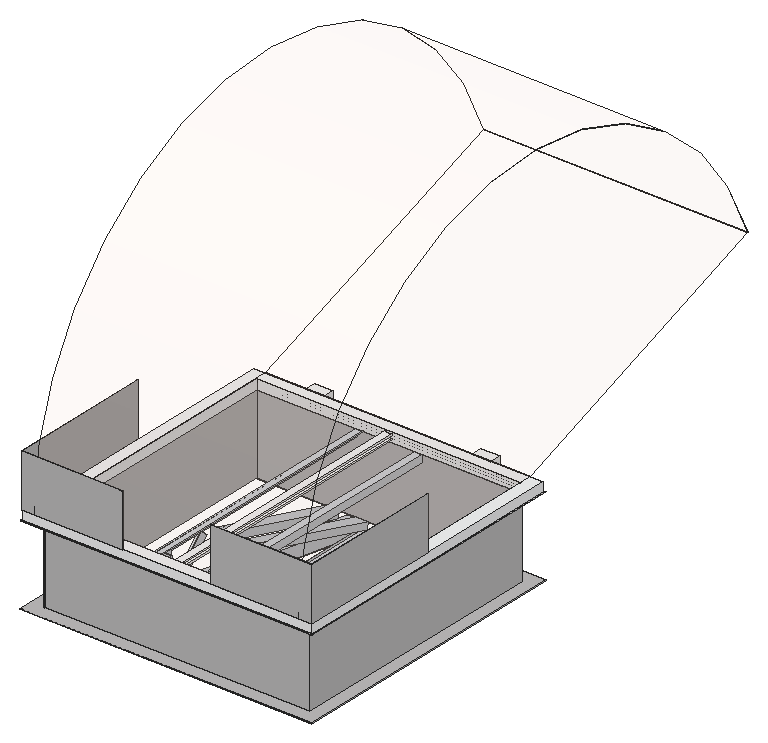
Revit family "Aluco Fire SP 1P (HI) (pl)", category Modele ogólne, Revit 2020
Family settings
  Może być obiektem nadrzędnym dla zbrojenia = Nie
  Wymiar okrągłego złącza = Użyj średnicy
  Typ części = Normalny
  Numer OmniClass = 23.60.70.14.11
  Tytuł OmniClass = Smoke Dampers
  Oparty na płaszczyźnie roboczej = Tak
  Zawsze pionowo = Nie
  Tnij formami wycięć po wczytaniu = Tak
  Współdzielony = Nie
  Punkt obliczania pomieszczeń = Nie
Parameters (values of type "system bezmostkowy z napędem elektrycznym")
  Zwężenie otworu (rozpiętość) [instance] = 0 mm
  Zwężenie otworu (długość) [instance] = 0 mm
  Zasilanie = 230 V
  Zakres ruchu [instance] = yes
  Wysokość podstawy [instance] = 300 mm
  Współczynnik przenikania ciepła [instance] = "Do weryfikacji po kontakcie z Producentem"  # constant formula
  Współczynnik powierzchni oddymiania [instance] = 1.00 m² * size_lookup("ALUCO FIRE SP 1P (HI)", if(and([Zwężenie otworu (rozpiętość)] = 0 mm, [Zwężenie otworu (długość)] = 0 mm, Owiewki), "Prosta z owiewkami", if(and([Zwężenie otworu (rozpiętość)] = 0 mm, [Zwężenie otworu (długość)] = 0 mm, not(Owiewki)), "Prosta bez owiewek", if(and(or([Zwężenie otworu (rozpiętość)] > 0 mm, [Zwężenie otworu (długość)] > 0 mm), Owiewki), "Skośna z owiewkami", "Skośna bez owiewek"))), 0 mm, round([Rozpiętość klapy (A)] / 100 mm) * 100 mm, round([Szerokość klapy (B)] / 100 mm) * 100 mm) / 1 mm  # 0.76 m²
  Uwaga [instance] = if(or([Rozpiętość klapy (A)] > 3000 mm, [Rozpiętość klapy (A)] < 1000 mm, [Szerokość klapy (B)] > 2000 mm, [Szerokość klapy (B)] < 1000 mm), "Przekroczono zalecane wymiary Producenta", "-")  # "-"
  URL produktu = "https://aluco.com.pl/oferta/oddymianie/klapy-punktowe/"
  URL = "https://aluco.com.pl/"
  Szerokość klapy (B) [instance] = 1000 mm
  System ekonomiczny = no
  System bezmostkowy = not(System ekonomiczny)  # yes
  Rozpiętość otworu [instance] = [Rozpiętość klapy (A)] + 2 * [Zwężenie otworu (rozpiętość)]  # 1000 mm
  Rozpiętość klapy (A) [instance] = 1000 mm
  Rozpiętość [instance] = "od 1000 mm x 1000 mm do 3000 mm x 2000 mm"  # constant formula
  Rodzaj napędu = "napęd elektryczny"
  Przestrzeń na izolację termiczną (wariant) [instance] = 0
  Przestrzeń na izolację termiczną [instance] = if([Przestrzeń na izolację termiczną (wariant)] < 2, 50 mm, if([Przestrzeń na izolację termiczną (wariant)] < 3, 80 mm, if([Przestrzeń na izolację termiczną (wariant)] < 4, 100 mm, if([Przestrzeń na izolację termiczną (wariant)] < 5, 150 mm, 200 mm))))  # 50 mm
  Producent = "ALUCO SYSTEM SP. Z O.O"  # constant formula
  Powierzchnia geometryczna [instance] = 1.00 m² * size_lookup("ALUCO FIRE SP 1P (HI)", "Powierzchnia geometryczna", 0 mm, round([Rozpiętość klapy (A)] / 100 mm) * 100 mm, round([Szerokość klapy (B)] / 100 mm) * 100 mm) / 1 mm  # 1.00 m²
  Potwierdzone działanie w skrajnie niskich temperaturach = "T -15"  # constant formula
  Pewność działania = "RE 10000"  # constant formula
  Owiewki [instance] = yes
  Opis = "Klapa oddymiająca jednoskrzydłowa punktowa o podstawie prostej oraz prosto-skośnej"  # constant formula
  Obraz typu = ALUCO FIRE SP 1P (HI).png
  Montaż [instance] = if(and([Zwężenie otworu (rozpiętość)] = 0 mm, [Zwężenie otworu (długość)] = 0 mm), "montaż na podstawie prostej", "montaż na podstawie prosto-skośnej")  # "montaż na podstawie prostej"
  Model = "Fire SP 1P (HI)"
  Materiał płyt = Aluco - poliwęglan
  Materiał profili = Aluco - aluminium
  Materiał podstawy = Aluco - stal ocynkowana
  Materiał owiewki = Aluco - stal ocynkowana
  Maksymalne obciążenie śniegiem = "SL 2000"  # constant formula
  Kąt otwarcia = 160.00°  # constant formula
  Kraty antyupadkowe ALUCO SAFETY GRID [instance] = no
  Komentarze do typu = "Klapa oddymiająca w systemie bezmostkowym o podwyższonej izolacyjności termicznej"
  Klasyfikacja na działanie wiatru = "WL 1500"  # constant formula
  Klasa odporności na działanie wysokiej temperatury = "B 300"  # constant formula
  Klasa bezpieczeństwa przed upadkiem z wysokości = "SB 1200"  # constant formula
  Klasa bezpieczeństwa pożarowego = "BRoof (t1)"  # constant formula
  Karta katalogowa [instance] = "brak linku do karty"
  IfcExportAs = "\"IfcWindowType\""
  Grubość wypełnienia (wariant) [instance] = 1
  Grubość płyty [instance] = if([Grubość wypełnienia (wariant)] < 3, 10 mm, if([Grubość wypełnienia (wariant)] < 5, 16 mm, if([Grubość wypełnienia (wariant)] < 7, 20 mm, if([Grubość wypełnienia (wariant)] < 9, 25 mm, if([Grubość wypełnienia (wariant)] < 11, 20 mm, if([Grubość wypełnienia (wariant)] < 13, 26 mm, 32 mm))))))  # 10 mm
  Grubość blachy podstawy (wariant) [instance] = 0
  Grubość blachy podstawy [instance] = if([Grubość blachy podstawy (wariant)] < 2, 1.5 mm, 2 mm)  # 1.5 mm
  Długość otworu [instance] = [Szerokość klapy (B)] + 2 * [Zwężenie otworu (długość)]  # 1000 mm
  Default Elevation = 0 mm  # constant formula
Types (7, lengths in mm): name | Zasilanie | Współczynnik powierzchni oddymiania | Szerokość klapy (B) | System ekonomiczny | System bezmostkowy | Rozpiętość otworu | Rozpiętość klapy (A) | Rodzaj napędu | Powierzchnia geometryczna | Model | Komentarze do typu | Długość otworu
  (no name) | 230 V | 0.76 m² | 1000 | no | yes | 1000 | 1000 | "napęd elektryczny" | 1.00 m² | "Fire SP 1P (HI)" | "Klapa oddymiająca w systemie bezmostkowym o podwyższonej izolacyjności termicznej" | 1000
  system bezmostkowy z napędem pneumatycznym | 0 V | 3.00 m² | 2000 | no | yes | 2000 | 2000 | "napęd pneumatyczny" | 2.36 m² | "Fire SP 1P (HI)" | "Klapa oddymiająca w systemie bezmostkowym o podwyższonej izolacyjności termicznej" | 2000
  system ekonomiczny z napędem pneumatycznym | 0 V | 3.00 m² | 2000 | yes | no | 2000 | 2000 | "napęd pneumatyczny" | 2.36 m² | "Fire SP 1P" | "Klapa oddymiająca w systemie ekonomicznym" | 2000
  system bezmostkowy z napędem pneumatyczno-elektrycznym | 230 V | 3.00 m² | 2000 | no | yes | 2000 | 2000 | "napęd pneumatyczno-elektryczny" | 2.36 m² | "Fire SP 1P (HI)" | "Klapa oddymiająca w systemie bezmostkowym o podwyższonej izolacyjności termicznej" | 2000
  system bezmostkowy z napędem elektrycznym | 230 V | 0.76 m² | 1000 | no | yes | 1000 | 1000 | "napęd elektryczny" | 1.00 m² | "Fire SP 1P (HI)" | "Klapa oddymiająca w systemie bezmostkowym o podwyższonej izolacyjności termicznej" | 1000
  system ekonomiczny z napędem pneumatyczno-elektrycznym | 230 V | 3.00 m² | 2000 | yes | no | 2000 | 2000 | "napęd pneumatyczno-elektryczny" | 2.36 m² | "Fire SP 1P" | "Klapa oddymiająca w systemie ekonomicznym" | 2000
  system ekonomiczny z napędem elektrycznym | 230 V | 3.00 m² | 2000 | yes | no | 2000 | 2000 | "napęd elektryczny" | 2.36 m² | "Fire SP 1P" | "Klapa oddymiająca w systemie ekonomicznym" | 2000
Reference planes
  plane 1 "Środek (Przód/Tył)": y = 0
  plane 2: z = 0
  plane 3 "Środek (Lewa/Prawa)": x = 205.773
  plane 4: z = 300
  plane 5: x = -294.227
  plane 6: y = 500
  plane 7: x = 705.773
  plane 8: y = -500
  plane 9: x = -294.227
  plane 10: y = -500
  plane 11: x = 705.773
  plane 12: y = 500
  plane 13: x = -294.227
  plane 14: x = 705.773
  plane 15: z = 500
  plane 16: z = -700
Forms (mm)
  Extrusion 1, solid, material "Aluco - stal ocynkowana" <- "Materiał podstawy", detail levels medium+fine
    sketch origin (0, 0, 0) x (1, 0, 0) y (0, 1, 0)
      loop
        line (-345.727, 551.5) -> (-345.727, -551.5) -> (757.273, -551.5) -> (757.273, 551.5) -> (-345.727, 551.5)
      loop
        line (-294.227, 500) -> (-294.227, -500) -> (705.773, -500) -> (705.773, 500) -> (-294.227, 500)
    from 0 to 1.5 <- "Grubość blachy podstawy"
  Extrusion 2, solid, material "Aluco - stal ocynkowana" <- "Materiał podstawy", detail levels medium+fine
    sketch origin (4267.2, -1436.636, 300) x (0, -1, 0) y (1, 0, 0)
      loop
        line (-1936.636, -4561.427) -> (-936.636, -4561.427) -> (-936.636, -3561.427) -> (-1936.636, -3561.427) -> (-1936.636, -4561.427)
      loop
        line (-1988.136, -4612.927) -> (-885.136, -4612.927) -> (-885.136, -3509.927) -> (-1988.136, -3509.927) -> (-1988.136, -4612.927)
    from 0 to 1.5
  Blend 3, solid, material "Aluco - stal ocynkowana" <- "Materiał podstawy", detail levels medium+fine
    base sketch origin (0, 0, 0) x (1, 0, 0) y (0, 1, 0)
      loop
        line (-295.727, 501.5) -> (-295.727, -501.5) -> (707.273, -501.5) -> (707.273, 501.5) -> (-295.727, 501.5)
    top sketch origin (0, 0, 0) x (1, 0, 0) y (0, 1, 0)
      loop
        line (-295.727, 501.5) -> (-295.727, -501.5) -> (707.273, -501.5) -> (707.273, 501.5) -> (-295.727, 501.5)
    from 0 to 300
  Blend 4, void
    base sketch origin (0, 0, 0) x (1, 0, 0) y (0, 1, 0)
      loop
        line (-294.227, 500) -> (-294.227, -500) -> (705.773, -500) -> (705.773, 500) -> (-294.227, 500)
    top sketch origin (0, 0, 0) x (1, 0, 0) y (0, 1, 0)
      loop
        line (-294.227, 500) -> (-294.227, -500) -> (705.773, -500) -> (705.773, 500) -> (-294.227, 500)
    from 0 to 300
  Extrusion 5, solid, detail levels coarse
    sketch origin (0, 0, 0) x (1, 0, 0) y (0, 1, 0)
      loop
        line (-294.227, 500) -> (-294.227, -500) -> (705.773, -500) -> (705.773, 500) -> (-294.227, 500)
    from 0 to 500
  Extrusion 6, void
    sketch origin (0, 0, 0) x (1, 0, 0) y (0, 1, 0)
      loop
        line (-294.227, 500) -> (-294.227, -500) -> (705.773, -500) -> (705.773, 500) -> (-294.227, 500)
    from -700 to 300
  Extrusion 7, solid, material "Aluco - zakres ruchu", visible <- "Zakres ruchu", detail levels medium+fine
    sketch origin (205.773, 0, 0) x (0, 1, 0) y (0, 0, 1)
      loop
        line (-548.5, 335) -> (546.5, 335) -> (1575.463, 709.512)
        arc (1575.463, 709.512) -> (356.355, 1413.364) -> (-548.5, 335) r 1095
    from -500 to 500
  Extrusion 8, solid, material "Aluco - krata antyupadkowa", visible <- "Kraty antyupadkowe ALUCO SAFETY GRID", detail levels medium+fine
    sketch origin (4267.2, -1436.636, 300) x (0, -1, 0) y (1, 0, 0)
      loop
        line (-1936.636, -4561.427) -> (-936.636, -4561.427) -> (-936.636, -3561.427) -> (-1936.636, -3561.427) -> (-1936.636, -4561.427)
    from 0 to -5
Cuts and joins
  Blend 4 cuts Blend 3
  joined: Extrusion 1, Extrusion 2, Blend 3
Lines and regions (mm)
  reference lines
    curve 1: line (-344.227, 550, 0) -> (755.773, 550, 0)
    curve 2: line (-344.227, -550, 0) -> (-344.227, 550, 0)
    curve 3: line (755.773, -550, 0) -> (-344.227, -550, 0)
    curve 4: line (755.773, 550, 0) -> (755.773, -550, 0)
    curve 5: line (-344.227, 550, 0) -> (755.773, 550, 0)
    curve 6: line (-344.227, -550, 0) -> (-344.227, 550, 0)
    curve 7: line (755.773, -550, 0) -> (-344.227, -550, 0)
    curve 8: line (755.773, 550, 0) -> (755.773, -550, 0)
Dimensions and locks
  "Wysokość podstawy": plane 4 to level
  equal spacing: plane 5, plane 3 "Środek (Lewa/Prawa)", plane 7
  "Długość otworu": plane 5 to plane 7
  equal spacing: plane 6, plane 1 "Środek (Przód/Tył)", plane 8
  "Rozpiętość otworu": plane 6 to plane 8
  equal spacing: plane 10, plane 1 "Środek (Przód/Tył)", plane 12
  "Rozpiętość klapy (A)": plane 10 to plane 12
  equal spacing: plane 9, plane 3 "Środek (Lewa/Prawa)", plane 11
  "Szerokość klapy (B)": plane 9 to plane 11
  "Przestrzeń na izolację termiczną": curve 5 to plane 6
  "Przestrzeń na izolację termiczną": curve 6 to plane 5
  "Przestrzeń na izolację termiczną": curve 2 to plane 9
  "Przestrzeń na izolację termiczną": plane 12 to curve 1
  "Przestrzeń na izolację termiczną": plane 11 to curve 4
  "Przestrzeń na izolację termiczną": plane 10 to curve 3
  "Przestrzeń na izolację termiczną": curve 7 to plane 8
  "Przestrzeń na izolację termiczną": plane 7 to curve 8
  "Grubość blachy podstawy": curve 8 to Extrusion 1 sketch curve
  "Grubość blachy podstawy": curve 7 to Extrusion 1 sketch curve
  "Grubość blachy podstawy": curve 5 to Extrusion 1 sketch curve
  "Grubość blachy podstawy": Extrusion 1 sketch curve to curve 6
  "Grubość blachy podstawy": Extrusion 2 sketch curve to curve 2
  "Grubość blachy podstawy": curve 4 to Extrusion 2 sketch curve
  "Grubość blachy podstawy": Extrusion 2 sketch curve to curve 1
  "Grubość blachy podstawy": Extrusion 2 sketch curve to curve 3
  "Grubość blachy podstawy": Blend 3 sketch curve to plane 5
  "Grubość blachy podstawy": plane 8 to Blend 3 sketch curve
  "Grubość blachy podstawy": plane 7 to Blend 3 sketch curve
  "Grubość blachy podstawy": Blend 3 sketch curve to plane 6
  "Grubość blachy podstawy": plane 11 to Blend 3 sketch curve
  "Grubość blachy podstawy": plane 12 to Blend 3 sketch curve
  "Grubość blachy podstawy": plane 10 to Blend 3 sketch curve
  "Grubość blachy podstawy": Blend 3 sketch curve to plane 9
  "Szerokość klapy (B)": plane 13 to plane 14
  equal spacing: plane 13, plane 3 "Środek (Lewa/Prawa)", plane 14
  locked: plane 15 to plane 4 at 200
  locked: plane 2 to plane 16 at 700
  plane 1 "Środek (Przód/Tył)" to nested 1 = 364.842 mm
  locked: Extrusion 7 sketch curve to Extrusion 7 sketch curve (angle 160.00°)
  aligned and locked: level to plane 2
  aligned and locked: Extrusion 1 sketch curve to plane 5
  aligned and locked: Extrusion 1 sketch curve to plane 6
  aligned and locked: Extrusion 1 sketch curve to plane 7
  aligned and locked: Extrusion 1 sketch curve to plane 8
  aligned and locked: Extrusion 2 sketch curve to plane 9
  aligned and locked: Extrusion 2 sketch curve to plane 12
  aligned and locked: Extrusion 2 sketch curve to plane 11
  aligned and locked: Extrusion 2 sketch curve to plane 10
  aligned and locked: plane 4 to Blend 3
  aligned and locked: Blend 4 sketch curve to plane 5
  aligned and locked: Blend 4 sketch curve to plane 6
  aligned and locked: Blend 4 sketch curve to plane 7
  aligned and locked: Blend 4 sketch curve to plane 8
  aligned and locked: Blend 4 sketch curve to plane 9
  aligned and locked: Blend 4 sketch curve to plane 10
  aligned and locked: Blend 4 sketch curve to plane 11
  aligned and locked: Blend 4 sketch curve to plane 12
  aligned and locked: plane 4 to Blend 4
  aligned and locked: plane 10 to nested 1
  aligned and locked: plane 12 to nested 1
  aligned and locked: nested 2 to plane 3 "Środek (Lewa/Prawa)"
  aligned and locked: Extrusion 5 to plane 15
  aligned and locked: Extrusion 5 to plane 2
  aligned and locked: Extrusion 6 sketch curve to plane 6
  aligned and locked: plane 5 to Extrusion 6 sketch curve
  aligned and locked: Extrusion 6 sketch curve to plane 8
  aligned and locked: Extrusion 6 sketch curve to plane 7
  aligned and locked: Extrusion 6 to plane 16
  aligned and locked: plane 4 to Extrusion 6
  aligned and locked: Extrusion 5 sketch curve to plane 5
  aligned and locked: Extrusion 5 sketch curve to plane 7
  aligned and locked: Extrusion 5 sketch curve to plane 8
  aligned and locked: Extrusion 5 sketch curve to plane 6
  aligned and locked: plane 14 to Extrusion 8 sketch curve
  aligned and locked: plane 10 to Extrusion 8 sketch curve
  aligned and locked: Extrusion 8 sketch curve to plane 13
  aligned and locked: Extrusion 8 sketch curve to plane 12
  aligned and locked: Extrusion 7 sketch curve to nested 2
  aligned and locked: Extrusion 7 to plane 11
  aligned and locked: Extrusion 7 to plane 9
Automatic sketch dimensions
  Extrusion 7 sketch curve to plane 12 = 46.5 mm
  Extrusion 7 sketch curve to Extrusion 7 sketch curve = 0 mm
  Extrusion 7 sketch curve to plane 10 = 48.5 mm
Nested families
  nested 1: "Siłownik klapy jednoskrzydłowej zamkniętej" at (205.773, -500, 300) x (0, 1, 0) z (0, 0, 1), type "Siłownik klapy jednoskrzydłowej zamkniętej", detail levels fine
    with Długość prowadnic 1000 mm
  nested 2: "Klapa" at (705.773, 0, 300) x (-1, 0, 0) z (0, 0, 1), Materiał profili <- "Materiał profili", Materiał płyty <- "Materiał płyt", Rozpiętość klapy <- "Szerokość klapy (B)", Szerokość klapy <- "Szerokość klapy (B)", Grubość wypełnienia (wariant) <- "Grubość wypełnienia (wariant)", Materiał owiewki <- "Materiał owiewki", Owiewka <- "Owiewki", type "Klapa", detail levels medium+fine
    with Szerokość klapy 1000 mm, Rozpiętość klapy 1000 mm, Owiewka yes, Materiał płyty Aluco - poliwęglan, Materiał profili Aluco - aluminium, Materiał owiewki Aluco - stal ocynkowana, Grubość wypełnienia (wariant) 1, Grubość płyty 10 mm, Grubość profilu' 46.5 mm, Grubość profilu 35 mm
Connectors
  electrical at (205.773, 0, 0), driven by "Zasilanie"
    settings: index 1, voltage 230 V, apparent load 0 VA, apparent load phase1 0 VA, apparent load phase2 0 VA, apparent load phase3 0 VA, power factor 1, load classification "Inne", number of poles 1, system type 30, power factor state 1, is connector primary yes, connector utility no, sub classification motor no, connector description ""
Definition of nested family "Siłownik klapy jednoskrzydłowej zamkniętej"
  Parameters (values of type "Siłownik klapy jednoskrzydłowej zamkniętej")
    Define Thermal Properties by = 1
    Analytic Construction = "<Brak>"
    Długość prowadnic [instance] = 1500 mm
    Default Elevation = 0 mm  # constant formula
  Reference planes
    plane 1 "Środek (Przód/Tył)": y = 0
    plane 2: z = 0
    plane 3 "Środek (Lewa/Prawa)": x = 0
    plane 4: z = -200
    plane 5: y = -125
    plane 6: y = 125
    plane 7: x = 600
    plane 8: x = 1500
    plane 9: y = -98
    plane 10: y = 98
    plane 11: y = -78
    plane 12: y = 78
    plane 13: x = 1500
    plane 14: x = 1464.07
    plane 15: z = -77
    plane 16: z = -250
    plane 17: x = -110
    plane 18: x = 1800
    plane 19: x = 290
    plane 20: x = 60.93
    plane 21: x = 1087.93
    plane 22: x = 41.93
    plane 23: x = 1060.884
    plane 24: x = 265
    plane 25: x = 864.842
  Forms (mm)
    Extrusion 1, solid
      sketch origin (0, 0, 0) x (1, 0, 0) y (0, 1, 0)
        loop
          line (-1219.2, 1219.2) -> (-1219.2, -1219.2) -> (1219.2, -1219.2) -> (1219.2, 1219.2) -> (-1219.2, 1219.2)
      from 0 to -304.8
    Sweep 2, solid, detail levels medium+fine
      path in 3D
        loop
          line (0, -125, 0) -> (1500, -125, 0)
      profile origin (750, -125, 0) x (0, 0, 1) y (0, -1, 0)
        loop
          line (0, -27) -> (0, 0) -> (-27, 0) -> (-27, -3) -> (-3, -3) -> (-3, -27) -> (0, -27)
    Sweep 3, solid, detail levels medium+fine
      path in 3D
        loop
          line (0, 125, 0) -> (1500, 125, 0)
      profile origin (750, 125, 0) x (0, 0, -1) y (0, 1, 0)
        loop
          line (0, -27) -> (3, -27) -> (3, -3) -> (27, -3) -> (27, 0) -> (0, 0) -> (0, -27)
    Sweep 4, solid, detail levels medium+fine
      path origin (73.93, -98, 0) x (1, 0, 0) y (0, 0, 1)
        loop
          line (0, 0) -> (0, -200)
      profile origin (73.93, -98, -100) x (0, -1, 0) y (1, 0, 0)
        loop
          line (-27, -13) -> (0, -13) -> (0, 14) -> (-3, 14) -> (-3, -10) -> (-27, -10) -> (-27, -13)
    Sweep 5, solid, detail levels medium+fine
      path origin (73.93, 98, 0) x (1, 0, 0) y (0, 0, -1)
        loop
          line (0, 0) -> (0, 200)
      profile origin (73.93, 98, -100) x (0, 1, 0) y (-1, 0, 0)
        loop
          line (-27, 13) -> (-27, 10) -> (-3, 10) -> (-3, -14) -> (0, -14) -> (0, 13) -> (-27, 13)
    Sweep 6, solid, detail levels medium+fine
      path in 3D
        loop
          line (87.677, -98.752, -199.873) -> (260.918, -98.752, -26.632)
      profile origin (174.297, -98.752, -113.252) x (-0.707107, 0, 0.707107) y (0, -1, 0)
        loop
          line (29.82, 3) -> (2.82, 3) -> (2.82, 30) -> (-0.18, 30) -> (-0.18, 0) -> (29.82, 0) -> (29.82, 3)
    Sweep 7, solid, detail levels medium+fine
      path in 3D
        loop
          line (87.677, 98, -199.873) -> (260.918, 98, -26.632)
      profile origin (174.297, 98, -113.252) x (0.707107, 0, -0.707107) y (0, 1, 0)
        loop
          line (-29.82, 3) -> (-29.82, 0) -> (0.18, 0) -> (0.18, 30) -> (-2.82, 30) -> (-2.82, 3) -> (-29.82, 3)
    Sweep 8, solid, detail levels medium+fine
      path in 3D
        loop
          line (50.727, 63, -200.156) -> (817.931, 63, -200.156)
      profile origin (434.329, 63, -200.156) x (0, 0, -1) y (0, 1, 0)
        loop
          line (0, 0) -> (0, 15) -> (-8, 15) -> (-8, 13.5) -> (-1.5, 13.5) -> (-1.5, -13.5) -> (-8, -13.5) -> (-8, -15) -> (0, -15) -> (0, 0)
    Sweep 9, solid, detail levels medium+fine
      path in 3D
        loop
          line (87.931, -63, -200.156) -> (817.931, -63, -200.156)
      profile origin (452.931, -63, -200.156) x (0, 0, 1) y (0, -1, 0)
        loop
          line (-0.001, -15) -> (8, -15) -> (8, -13.517) -> (1.5, -13.517) -> (1.5, 13.5) -> (7.999, 13.5) -> (7.999, 15) -> (-0.001, 15) -> (-0.001, -15)
    Sweep 10, solid, detail levels medium+fine
      path in 3D
        loop
          line (41.93, 0, -77) -> (808.69, 0, -207.193)
      profile origin (425.31, 0, -142.096) x (0.1674, 0, 0.985889) y (0, -1, 0)
        loop
          line (-26.036, 0) -> (-26.036, -20) -> (-22.5, -23.536) -> (22.5, -23.536)
          arc (22.5, -23.536) -> (35.498, 0) -> (22.5, 23.536) r 27.807
          line (22.5, 23.536) -> (-22.5, 23.536) -> (-26.036, 20) -> (-26.036, 0)
    Sweep 11, solid, detail levels medium+fine
      path in 3D
        loop
          line (802.089, -54.464, -173.632) -> (265, -54.464, -15.092)
      profile origin (533.545, -54.464, -94.362) x (-0.283108, 0, -0.959088) y (0, -1, 0)
        loop
          line (11.579, -23.536) -> (11.579, -20.536) -> (-12.421, -20.536) -> (-12.421, 20.536) -> (11.579, 20.536) -> (11.579, 23.536) -> (-15.421, 23.536) -> (-15.421, -23.536) -> (11.579, -23.536)
    Sweep 12, solid, detail levels medium+fine
      path in 3D
        loop
          line (802.089, 55.536, -173.632) -> (265, 55.536, -15.092)
      profile origin (533.545, 55.536, -94.362) x (-0.283108, 0, -0.959088) y (0, -1, 0)
        loop
          line (11.579, -23.536) -> (11.579, -20.536) -> (-12.421, -20.536) -> (-12.421, 20.536) -> (11.579, 20.536) -> (11.579, 23.536) -> (-15.421, 23.536) -> (-15.421, -23.536) -> (11.579, -23.536)
  Lines and regions (mm)
    reference lines
      curve 1: line (0, -125, 0) -> (1500, -125, 0)
      curve 2: line (0, 125, 0) -> (1500, 125, 0)
      curve 9: line (41.93, 0, -77) -> (1060.8, 0, -250)
      curve 11: line (864.842, -54.464, -192.156) -> (265, -54.464, -15.092)
      curve 13: line (864.842, 55.536, -192.156) -> (265, 55.536, -15.092)
    sketch lines
      curve 3: line (0, -125, 0) -> (1500, -125, 0)
      curve 4: line (0, 125, 0) -> (1500, 125, 0)
      curve 5: line (87.677, -98.752, -199.873) -> (260.918, -98.752, -26.632)
      curve 6: line (87.677, 98, -199.873) -> (260.918, 98, -26.632)
      curve 7: line (50.727, 63, -200.156) -> (817.931, 63, -200.156)
      curve 8: line (87.931, -63, -200.156) -> (817.931, -63, -200.156)
      curve 10: line (41.93, 0, -77) -> (808.69, 0, -207.193)
      curve 12: line (802.089, -54.464, -173.632) -> (265, -54.464, -15.092)
      curve 14: line (802.089, 55.536, -173.632) -> (265, 55.536, -15.092)
  Dimensions and locks
    "Długość prowadnic": plane 8 to plane 3 "Środek (Lewa/Prawa)"
    locked: plane 2 to plane 4 at 200
    equal spacing: plane 5, plane 1 "Środek (Przód/Tył)", plane 6
    locked: plane 5 to plane 6 at 250
    locked: plane 9 to plane 11 at 20
    locked: plane 12 to plane 10 at 20
    equal spacing: plane 11, plane 1 "Środek (Przód/Tył)", plane 12, locked at 78 each
    plane 17 to plane 19 = 400 mm
    aligned and locked: plane 2 to Extrusion 1
    aligned and locked: level to Extrusion 1
    aligned and locked: plane 5 to curve 1
    aligned and locked: plane 20 to Sweep 5
    aligned and locked: plane 20 to Sweep 4
    aligned and locked: plane 22 to curve 9
    aligned and locked: plane 24 to curve 11
    aligned and locked: curve 11 to Sweep 9
  Automatic sketch dimensions
    Extrusion 1 sketch curve to Extrusion 1 sketch curve = 2438.4 mm  (x2)
    curve 9 to plane 16 = 0 mm
    curve 9 to plane 15 = 0 mm
    plane 23 to curve 9 = 0.084 mm
    curve 1 to level = 0 mm
    curve 1 to plane 3 "Środek (Lewa/Prawa)" = 0 mm
    plane 8 to curve 1 = 0 mm
    curve 2 to level = 0 mm
    curve 2 to plane 3 "Środek (Lewa/Prawa)" = 0 mm
    plane 8 to curve 2 = 0 mm
    Sweep 2 sketch curve to profile plane = 0 mm
    profile plane to Sweep 2 sketch curve = 0 mm
    Sweep 2 sketch curve to Sweep 2 sketch curve = 3 mm
    Sweep 2 sketch curve to profile plane = 3 mm
    Sweep 2 sketch curve to Sweep 2 sketch curve = 24 mm  (x2)
    Sweep 3 sketch curve to profile plane = 0 mm  (x2)
    Sweep 3 sketch curve to Sweep 3 sketch curve = 3 mm  (x2)
    Sweep 3 sketch curve to Sweep 3 sketch curve = 24 mm  (x2)
    plane 25 to curve 11 = 0 mm
    plane 4 to curve 11 = 7.844 mm
    curve 11 to level = 15.092 mm
    plane 24 to curve 13 = 0 mm
    plane 25 to curve 13 = 0 mm
    plane 4 to curve 13 = 7.844 mm
    curve 13 to level = 15.092 mm
    Sweep 4 sketch curve to plane 4 = 0 mm
    Sweep 4 sketch curve to level = 0 mm
    Sweep 4 sketch curve to plane 20 = 13 mm
    profile plane to Sweep 4 sketch curve = 0 mm
    Sweep 4 sketch curve to profile plane = 3 mm
    Sweep 4 sketch curve to Sweep 4 sketch curve = 24 mm
    profile plane to Sweep 4 sketch curve = 13 mm
    Sweep 4 sketch curve to Sweep 4 sketch curve = 3 mm
    Sweep 4 sketch curve to profile plane = 14 mm
    Sweep 5 sketch curve to plane 4 = 0 mm
    Sweep 5 sketch curve to level = 0 mm
    Sweep 5 sketch curve to plane 20 = 13 mm
    Sweep 5 sketch curve to profile plane = 0 mm
    Sweep 5 sketch curve to profile plane = 3 mm
    Sweep 5 sketch curve to Sweep 5 sketch curve = 24 mm
    profile plane to Sweep 5 sketch curve = 14 mm
    Sweep 5 sketch curve to profile plane = 10 mm
    Sweep 5 sketch curve to Sweep 5 sketch curve = 3 mm
    profile plane to Sweep 6 sketch curve = 0 mm
    profile plane to Sweep 6 sketch curve = 0.18 mm
    Sweep 6 sketch curve to profile plane = 2.82 mm
    Sweep 6 sketch curve to Sweep 6 sketch curve = 27 mm  (x2)
    Sweep 6 sketch curve to Sweep 6 sketch curve = 3 mm
    Sweep 7 sketch curve to profile plane = 0 mm
    profile plane to Sweep 7 sketch curve = 3 mm
    profile plane to Sweep 7 sketch curve = 29.82 mm
    profile plane to Sweep 7 sketch curve = 2.82 mm
    Sweep 7 sketch curve to profile plane = 0.18 mm
    Sweep 7 sketch curve to Sweep 7 sketch curve = 27 mm
    Sweep 8 sketch curve to profile plane = 0 mm  (x2)
    profile plane to Sweep 8 sketch curve = 1.5 mm
    Sweep 8 sketch curve to Sweep 8 sketch curve = 6.5 mm  (x2)
    Sweep 8 sketch curve to profile plane = 13.5 mm
    Sweep 8 sketch curve to Sweep 8 sketch curve = 1.5 mm  (x2)
    profile plane to Sweep 8 sketch curve = 13.5 mm
    profile plane to Sweep 9 sketch curve = 0.001 mm
    Sweep 9 sketch curve to profile plane = 1.5 mm
    Sweep 9 sketch curve to Sweep 9 sketch curve = 6.499 mm
    Sweep 9 sketch curve to Sweep 9 sketch curve = 6.5 mm
    Sweep 9 sketch curve to profile plane = 15 mm
    Sweep 9 sketch curve to Sweep 9 sketch curve = 1.483 mm
    profile plane to Sweep 9 sketch curve = 13.5 mm
    Sweep 9 sketch curve to Sweep 9 sketch curve = 1.5 mm
    Sweep 10 sketch curve to profile plane = 0 mm  (x2)
    profile plane to Sweep 10 sketch curve = 26.036 mm
    Sweep 10 sketch curve to Sweep 10 sketch curve = 3.536 mm  (x4)
    Sweep 10 sketch curve to profile plane = 7.692 mm
    Sweep 10 sketch curve to profile plane = 22.5 mm  (x2)
    Sweep 10 sketch curve to Sweep 10 sketch curve = 20 mm
    profile plane to Sweep 11 sketch curve = 15.421 mm
    Sweep 11 sketch curve to Sweep 11 sketch curve = 3 mm  (x3)
    Sweep 11 sketch curve to profile plane = 11.579 mm  (x2)
    Sweep 11 sketch curve to profile plane = 23.536 mm
    profile plane to Sweep 11 sketch curve = 20.536 mm
    profile plane to Sweep 12 sketch curve = 15.421 mm
    Sweep 12 sketch curve to Sweep 12 sketch curve = 3 mm  (x3)
    Sweep 12 sketch curve to profile plane = 11.579 mm  (x2)
    Sweep 12 sketch curve to profile plane = 23.536 mm
    profile plane to Sweep 12 sketch curve = 20.536 mm
Definition of nested family "Klapa"
  Parameters (values of type "Klapa")
    Define Thermal Properties by = 1
    Szerokość klapy [instance] = 2000 mm
    Rozpiętość klapy [instance] = 2000 mm
    Owiewka [instance] = yes
    Materiał płyty [instance] = none
    Materiał profili [instance] = none
    Materiał owiewki [instance] = none
    Analytic Construction = "<Brak>"
    Grubość wypełnienia (wariant) [instance] = 1
    Grubość płyty [instance] = if([Grubość wypełnienia (wariant)] < 3, 10 mm, if([Grubość wypełnienia (wariant)] < 5, 16 mm, if([Grubość wypełnienia (wariant)] < 7, 20 mm, if([Grubość wypełnienia (wariant)] < 9, 25 mm, if([Grubość wypełnienia (wariant)] < 11, 20 mm, if([Grubość wypełnienia (wariant)] < 13, 26 mm, 32 mm))))))  # 10 mm
    Grubość profilu' [instance] = Grubość profilu + 11.5 mm  # 46.5 mm
    Grubość profilu [instance] = if(2 * Grubość płyty < 35 mm, 35 mm, 2 * Grubość płyty)  # 35 mm
    Default Elevation = 0 mm
  Reference planes
    plane 1 "Środek (Przód/Tył)": y = 0
    plane 2: z = 0
    plane 3 "Środek (Lewa/Prawa)": x = -500
    plane 4: y = -1000
    plane 5: y = 1000
    plane 6: z = 0
    plane 7: x = 1500
    plane 8: x = 500
    plane 9: z = 25
    plane 10: z = 15
    plane 11: z = 35
    plane 12: x = 166.667
    plane 13: x = 833.333
  Forms (mm)
    Sweep 1, solid, material <- "Materiał profili"
      path origin (0, 0, 0) x (1, 0, 0) y (0, 1, 0)
        loop
          line (-500, 1000) -> (-500, -1000) -> (1500, -1000) -> (1500, 1000) -> (-500, 1000)
      profile "Rama : Rama" origin (-500, 0, 0) x (1, 0, 0) y (0, 0, 1)
        loop
          line (0, 0) -> (0, 35) -> (-46.5, 35) -> (-46.5, 0) -> (0, 0)
    Blend 2, solid, material <- "Materiał płyty"
      base sketch origin (-500, 0, 0) x (0, 1, 0) y (0, 0, 1)
        loop
          line (-1000, 25) -> (-1000, 15) -> (1000, 15) -> (1000, 25) -> (-1000, 25)
      top sketch origin (-500, 0, 0) x (0, 1, 0) y (0, 0, 1)
        loop
          arc (-1000, 15) -> (0, 101.703) -> (1000, 15) r 5810.138
          line (1000, 15) -> (1000, 25.234)
          arc (1000, 25.234) -> (0, 111.785) -> (-1000, 25.234) r 5820.22
          line (-1000, 25.234) -> (-1000, 15)
      from 0 to 1000
    Blend 3, solid, material <- "Materiał płyty"
      base sketch origin (1000, 0, 0) x (0, 1, 0) y (0, 0, -1)
        loop
          line (-1000, -25) -> (1000, -25) -> (1000, -15) -> (-1000, -15) -> (-1000, -25)
      top sketch origin (1000, 0, 0) x (0, 1, 0) y (0, 0, -1)
        loop
          line (-1000, -15) -> (-1000, -25.234)
          arc (-1000, -25.234) -> (0, -111.785) -> (1000, -25.234) r 5820.22
          line (1000, -25.234) -> (1000, -15)
          arc (1000, -15) -> (0, -101.703) -> (-1000, -15) r 5810.138
      from -500 to 500
    Extrusion 4, solid, material <- "Materiał profili", detail levels fine
      sketch origin (500, 0, 0) x (0, 1, 0) y (0, 0, -1)
        loop
          line (-1000, -25.234) -> (-1000, -30.309)
          arc (-1000, -30.309) -> (0, -116.785) -> (1000, -30.309) r 5825.22
          line (1000, -30.309) -> (1000, -25.234)
          arc (1000, -25.234) -> (0, -111.785) -> (-1000, -25.234) r 5820.22
        loop
          line (1000, -15) -> (1000, -9.924)
          arc (1000, -9.924) -> (0, -96.703) -> (-1000, -9.924) r 5805.138
          line (-1000, -9.924) -> (-1000, -15)
          arc (-1000, -15) -> (0, -101.703) -> (1000, -15) r 5810.138
      from -14 to 14
    Extrusion 5, solid, material <- "Materiał profili", detail levels fine
      sketch origin (-500, 0, 0) x (0, 1, 0) y (0, 0, 1)
        loop
          line (-1046.5, 5) -> (-1046.5, 35) -> (-1086.5, 35) -> (-1086.5, 5) -> (-1046.5, 5)
      from 220 to 150
    Extrusion 6, solid, material <- "Materiał profili", detail levels fine
      sketch origin (1500, 1454.305, 1200) x (0, 1, 0) y (0, 0, 1)
        loop
          line (-2500.805, -1165) -> (-2540.805, -1165) -> (-2540.805, -1195) -> (-2500.805, -1195) -> (-2500.805, -1165)
      from -220 to -150
    Sweep 7, solid, material <- "Materiał owiewki", visible <- "Owiewka"
      path in 3D
        loop
          line (1546.5, -1046.5, 35) -> (1546.5, 1046.5, 35) -> (-546.5, 1046.5, 35) -> (-546.5, -1046.5, 35)
      profile origin (-546.5, 0, 35) x (1, 0, 0) y (0, 0, 1)
        loop
          line (0, 0) -> (0, 200) -> (-2, 200) -> (-2, 0) -> (0, 0)
    Extrusion 8, void
      sketch origin (0, 0, 0) x (1, 0, 0) y (0, 1, 0)
        loop
          line (-548.5, 0) -> (-548.5, -1046.5) -> (1548.5, -1046.5) -> (1548.5, 0) -> (833.333, 0) -> (833.333, 1048.5) -> (166.667, 1048.5) -> (166.667, 0) -> (-548.5, 0)
      from -14 to 235
  Cuts and joins
    Extrusion 8 cuts Sweep 7
  Lines and regions (mm)
    symbolic lines
      curve 1: line (-488.5, -998.571, 0) -> (500, 1000, 0)
      curve 2: line (500, 1000, 0) -> (1488.5, -998.571, 0)
    symbolic lines, detail levels coarse
      curve 3: line (-500, 1000, 0) -> (1500, 1000, 0)
      curve 4: line (-500, -1000, 0) -> (-500, 1000, 0)
      curve 5: line (1500, -1000, 0) -> (-500, -1000, 0)
      curve 6: line (1500, 1000, 0) -> (1500, -1000, 0)
    reference lines
      curve 7: line (-500, -1000, 0) -> (-500, 0, 131.652)
      curve 8: line (-500, 0, 131.652) -> (-500, 1000, 0)
    sketch lines
      curve 9: line (-546.5, 1046.5, 35) -> (-546.5, -1046.5, 35)
      curve 10: line (1546.5, 1046.5, 35) -> (-546.5, 1046.5, 35)
      curve 11: line (1546.5, -1046.5, 35) -> (1546.5, 1046.5, 35)
  Dimensions and locks
    equal spacing: plane 4, plane 1 "Środek (Przód/Tył)", plane 5
    "Rozpiętość klapy": plane 4 to plane 5
    "Szerokość klapy": plane 3 "Środek (Lewa/Prawa)" to plane 7
    equal spacing: plane 3 "Środek (Lewa/Prawa)", plane 8, plane 7
    "Grubość płyty": plane 9 to plane 10
    "Grubość profilu": level to plane 11
    locked: plane 9 to plane 11 at 10
    locked: Extrusion 5 sketch curve to Sweep 1 at 40
    Extrusion 5 sketch curve to Extrusion 5 sketch curve to plane 6 = 30 mm locked, 5 mm locked
    equal spacing: plane 3 "Środek (Lewa/Prawa)", plane 12, plane 13, plane 7
    angle plane 6 to curve 7 = 7.50°
    angle curve 8 to level = 7.50°
    aligned and locked: level to plane 2
    aligned and locked: plane 4 to curve 5
    aligned and locked: curve 3 to plane 5
    aligned and locked: curve 6 to plane 7
    aligned and locked: plane 3 "Środek (Lewa/Prawa)" to curve 4
    aligned and locked: Sweep 1 sketch curve to plane 3 "Środek (Lewa/Prawa)"
    aligned and locked: Sweep 1 sketch curve to plane 7
    aligned and locked: Sweep 1 sketch curve to plane 5
    aligned and locked: Sweep 1 sketch curve to plane 4
    aligned and locked: plane 4 to curve 7
    aligned and locked: plane 5 to curve 8
    aligned and locked: plane 1 "Środek (Przód/Tył)" to curve 8
    aligned and locked: Blend 2 sketch curve to plane 4  (x2)
    aligned and locked: Blend 2 sketch curve to plane 10
    aligned and locked: Blend 2 sketch curve to plane 9
    aligned and locked: plane 5 to Blend 2 sketch curve  (x2)
    aligned and locked: Blend 2 to plane 8
    aligned and locked: Blend 2 to plane 3 "Środek (Lewa/Prawa)"
    aligned and locked: plane 7 to Blend 3
    aligned and locked: Extrusion 4 sketch curve to Blend 3  (x4)
    aligned and locked: Blend 3 to Extrusion 4 sketch curve  (x2)
    aligned and locked: Extrusion 6 sketch curve to Sweep 1
    aligned and locked: Extrusion 5 sketch curve to Sweep 1
    aligned and locked: Extrusion 6 sketch curve to Extrusion 5  (x3)
    aligned and locked: Sweep 7 to Extrusion 8 sketch curve  (x3)
    aligned and locked: Extrusion 8 sketch curve to plane 1 "Środek (Przód/Tył)"
    aligned and locked: Extrusion 8 sketch curve to plane 13
    aligned and locked: Extrusion 8 sketch curve to plane 12
    aligned and locked: Extrusion 8 sketch curve to Sweep 1
  Automatic sketch dimensions
    curve 2 to plane 8 = 0 mm
    plane 4 to curve 1 = 1.429 mm
    plane 3 "Środek (Lewa/Prawa)" to curve 1 = 11.5 mm
    plane 4 to curve 2 = 1.429 mm
    curve 2 to plane 7 = 11.5 mm
    curve 8 to level = 0 mm
    Blend 2 sketch curve to Blend 2 sketch curve = 0 mm  (x2)
    Blend 2 sketch curve to plane 1 "Środek (Przód/Tył)" = 0 mm
    plane 10 to Blend 2 sketch curve = 0 mm
    Blend 2 sketch curve to level = 5708.435 mm
    plane 9 to Blend 2 sketch curve = 0.234 mm
    Blend 3 sketch curve to plane 4 = 0 mm  (x2)
    Blend 3 sketch curve to plane 5 = 0 mm  (x2)
    Blend 3 sketch curve to plane 9 = 0 mm
    Blend 3 sketch curve to plane 10 = 0 mm  (x2)
    Blend 3 sketch curve to Blend 3 sketch curve = 0 mm  (x2)
    Blend 3 sketch curve to plane 1 "Środek (Przód/Tył)" = 0 mm
    plane 9 to Blend 3 sketch curve = 0.234 mm
    Blend 3 sketch curve to level = 5708.435 mm
    Sweep 7 sketch curve to profile plane = 0 mm
    profile plane to Sweep 7 sketch curve = 0 mm
    profile plane to Sweep 7 sketch curve = 2 mm
    profile plane to Sweep 7 sketch curve = 200 mm
    plane 1 "Środek (Przód/Tył)" to Extrusion 8 sketch curve = 0 mm
    radius of Blend 3 to Extrusion 4 sketch curve = 5 mm
    radius of Extrusion 4 sketch curve to Blend 3 = 5 mm
